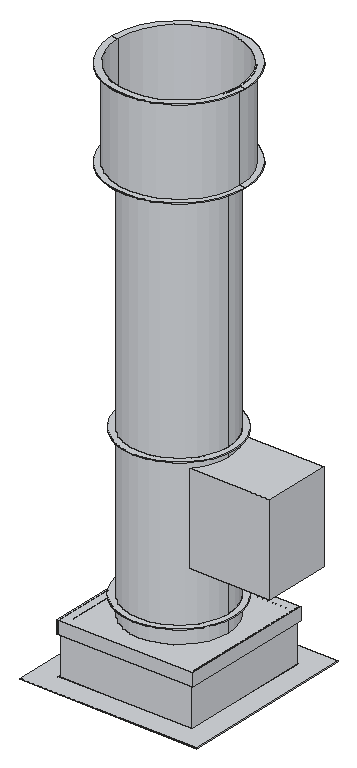
Revit family "QMXLE", category Mechanical Equipment, Revit 2019
Family settings
  Round Connector Dimension = Use Diameter
  Part Type = Normal
  Work Plane-Based = No
  Always vertical = Yes
  Cut with Voids When Loaded = No
  Shared = No
  Room Calculation Point = No
Parameters (values of type "165_QMXHPLE")
  Unit Weight [instance] = ""
  T_SQ/2 = T_SQ / 2  # 16"
  T_SQ = 32"
  Sones [instance] = ""
  Motor RPM [instance] = ""
  Motor Enclosure [instance] = ""
  ModelID [instance] = ""
  LwA [instance] = ""
  Inlet_Connection = 24 15/16"
  F_SUB/4 = F_SUB / 4  # 7 59/64"
  F_SUB/2 = F_SUB / 2  # 15 27/32"
  F_SUB = 31 11/16"
  E_SUB/2 = E_SUB / 2  # 21 7/32"
  E_SUB = 42 7/16"
  D_SUB/2 = D_SUB / 2  # 10 1/2"
  D_SUB = 21"
  Fan RPM [instance] = ""
  FAN_RADIUS_FIFTH = FAN_RADIUS / 5  # 2.35"
  FAN_RADIUS = FAN_DIA / 2  # 11 3/4"
  FAN_RAD_Plus = FAN_RADIUS + 1 1/2"  # 13 1/4"
  FAN_DIA = 23 1/2"
  C_SUB = 44"
  CURB_OD_HALF = CURB_OD / 2  # 15 9/16"
  CURB_OD = 31 1/8"
  CURB_HEIGHT [instance] = 12"
  CURB [instance] = yes
  B_SUB_Half = B_SUB / 2  # 1 1/2"
  B_SUB2 = B_SUB - 1/8"  # 2 7/8"
  B_SUB = 3"
  Accessories [instance] = ""
  A_half = A_SUB / 2  # 60"
  A_SUB = 120"
  Five = 5"  # constant formula
  Three = 3"  # constant formula
  Brake Hp [instance] = ""
  Four = 4"  # constant formula
  Two_Feet = 24"
  Two = 2"  # constant formula
  One = 1"  # constant formula
  Zero = 0"  # constant formula
  Voltage [instance] = 0 V
  URL = "www.lorencook.com"
  Type Comments = "Mixed-Flow Upblast Laboratory Exhaust Blower High Pressure Belt Drive Arrangement 9"
  Static Pressure [instance] = 0.00 in-wg
  Power [instance] = Voltage * Motor FLA * sqrt(if(Phase = 3, 3, 1))  # 0 VA
  Phase [instance] = 0
  Number of Poles [instance] = 1
  Motor Hp [instance] = "0"
  Motor FLA [instance] = 0 A
  Model = "QMXLE-HP"
  Manufacturer = "Loren Cook Company"
  CFM [instance] = 0 CFM
  One_and_a_half = 1 1/2"  # constant formula
  ONE EIGTH = 1/8"  # constant formula
  FRA = (FAN_RADIUS) * 0.75  # 8 13/16"
  TSQ2 = (T_SQ / 2) - 1/8"  # 15 7/8"
Types (33): name | T_SQ/2 | T_SQ | Inlet_Connection | F_SUB/4 | F_SUB/2 | F_SUB | E_SUB/2 | E_SUB | D_SUB/2 | D_SUB | FAN_RADIUS_FIFTH | FAN_RADIUS | FAN_RAD_Plus | FAN_DIA | C_SUB | CURB_OD_HALF | CURB_OD | B_SUB_Half | B_SUB2 | B_SUB | A_half | A_SUB | Type Comments | Model | FRA | TSQ2
  (no name) | 16" | 32" | 24 15/16" | 7 59/64" | 15 27/32" | 31 11/16" | 21 7/32" | 42 7/16" | 10 1/2" | 21" | 2.35" | 11 3/4" | 13 1/4" | 23 1/2" | 44" | 15 9/16" | 31 1/8" | 1 1/2" | 2 7/8" | 3" | 60" | 120" | "Mixed-Flow Upblast Laboratory Exhaust Blower High Pressure Belt Drive Arrangement 9" | "QMXLE-HP" | 8 13/16" | 15 7/8"
  90_QMXLE | 14" | 28" | 21" | 5 11/32" | 10 11/16" | 21 3/8" | 16 5/32" | 32 5/16" | 7 1/2" | 15" | 1 9/32" | 6 13/32" | 7 29/32" | 12 13/16" | 30" | 13 19/32" | 27 3/16" | 1 1/2" | 2 7/8" | 3" | 60" | 120" | "Mixed-Flow Upblast Laboratory Exhaust Blower Low Pressure Belt Drive Arrangement 9" | "QMXLE" | 4 103/128" | 13 7/8"
  300_QMXLE | 26" | 52" | 44 3/4" | 12 51/64" | 25 19/32" | 51 3/16" | 31 5/8" | 63 1/4" | 19 9/16" | 39 1/8" | 4 1/4" | 21 1/4" | 22 3/4" | 42 1/2" | 67" | 25 15/32" | 50 15/16" | 1 1/2" | 2 7/8" | 3" | 61 27/32" | 123 11/16" | "Mixed-Flow Upblast Laboratory Exhaust Blower Low Pressure Belt Drive Arrangement 9" | "QMXLE" | 15 15/16" | 25 7/8"
  120_QMXLE | 14" | 28" | 21" | 6 13/32" | 12 13/16" | 25 5/8" | 17 15/32" | 34 15/16" | 8 1/2" | 17" | 1.70625" | 8 17/32" | 10 1/32" | 17 1/16" | 37" | 13 19/32" | 27 3/16" | 1 1/2" | 2 7/8" | 3" | 60" | 120" | "Mixed-Flow Upblast Laboratory Exhaust Blower Low Pressure Belt Drive Arrangement 9" | "QMXLE" | 6 51/128" | 13 7/8"
  135_QMXLE | 14" | 28" | 20 15/16" | 6 15/16" | 13 7/8" | 27 3/4" | 18 7/32" | 36 7/16" | 9" | 18" | 1.925" | 9 5/8" | 11 1/8" | 19 1/4" | 39" | 13 9/16" | 27 1/8" | 1 1/2" | 2 7/8" | 3" | 60" | 120" | "Mixed-Flow Upblast Laboratory Exhaust Blower Low Pressure Belt Drive Arrangement 9" | "QMXLE" | 7 7/32" | 13 7/8"
  165_QMXLE | 16" | 32" | 24 15/16" | 7 59/64" | 15 27/32" | 31 11/16" | 21 7/32" | 42 7/16" | 10 1/2" | 21" | 2.35" | 11 3/4" | 13 1/4" | 23 1/2" | 44" | 15 9/16" | 31 1/8" | 1 1/2" | 2 7/8" | 3" | 60" | 120" | "Mixed-Flow Upblast Laboratory Exhaust Blower Low Pressure Belt Drive Arrangement 9" | "QMXLE" | 8 13/16" | 15 7/8"
  180_QMXLE | 17" | 34" | 26 15/16" | 8 33/64" | 17 1/32" | 34 1/16" | 22 1/8" | 44 1/4" | 11 1/2" | 23" | 2 9/16" | 12 13/16" | 14 5/16" | 25 5/8" | 46" | 16 9/16" | 33 1/8" | 1 1/2" | 2 7/8" | 3" | 60" | 120" | "Mixed-Flow Upblast Laboratory Exhaust Blower Low Pressure Belt Drive Arrangement 9" | "QMXLE" | 9 39/64" | 16 7/8"
  202_QMXLE | 19" | 38" | 30 3/4" | 9 31/64" | 18 31/32" | 37 15/16" | 23 3/8" | 46 3/4" | 12 3/4" | 25 1/2" | 2 9/16" | 12 13/16" | 14 5/16" | 25 5/8" | 50" | 18 15/32" | 36 15/16" | 1 1/2" | 2 7/8" | 3" | 60" | 120" | "Mixed-Flow Upblast Laboratory Exhaust Blower Low Pressure Belt Drive Arrangement 9" | "QMXLE" | 9 39/64" | 18 7/8"
  225_QMXLE | 21" | 42" | 34 3/4" | 10 9/32" | 20 9/16" | 41 1/8" | 25 1/8" | 50 1/4" | 13 3/4" | 27 1/2" | 3.19375" | 15 31/32" | 17 15/32" | 31 15/16" | 56" | 20 15/32" | 40 15/16" | 1 1/2" | 2 7/8" | 3" | 60" | 120" | "Mixed-Flow Upblast Laboratory Exhaust Blower Low Pressure Belt Drive Arrangement 9" | "QMXLE" | 11 125/128" | 20 7/8"
  245_QMXLE | 22" | 44" | 36 3/4" | 10 55/64" | 21 23/32" | 43 7/16" | 26 7/8" | 53 3/4" | 15 13/16" | 31 5/8" | 3.475" | 17 3/8" | 18 7/8" | 34 3/4" | 59" | 21 15/32" | 42 15/16" | 1 1/2" | 2 7/8" | 3" | 60" | 120" | "Mixed-Flow Upblast Laboratory Exhaust Blower Low Pressure Belt Drive Arrangement 9" | "QMXLE" | 13 1/32" | 21 7/8"
  270_QMXLE | 24" | 48" | 40 3/4" | 11 3/4" | 23 1/2" | 47" | 28 1/8" | 56 1/4" | 17 1/2" | 35" | 3.83125" | 19 5/32" | 20 21/32" | 38 5/16" | 63" | 23 15/32" | 46 15/16" | 1 1/2" | 2 7/8" | 3" | 60" | 120" | "Mixed-Flow Upblast Laboratory Exhaust Blower Low Pressure Belt Drive Arrangement 9" | "QMXLE" | 14 47/128" | 23 7/8"
  330_QMXLE | 28" | 56" | 48 5/8" | 13 63/64" | 27 31/32" | 55 15/16" | 33 7/8" | 67 3/4" | 22" | 44" | 4.675" | 23 3/8" | 24 7/8" | 46 3/4" | 73" | 27 13/32" | 54 13/16" | 1 1/2" | 2 7/8" | 3" | 67 9/16" | 135 1/8" | "Mixed-Flow Upblast Laboratory Exhaust Blower Low Pressure Belt Drive Arrangement 9" | "QMXLE" | 17 17/32" | 27 7/8"
  365_QMXLE | 31" | 62" | 54 9/16" | 15 31/64" | 30 31/32" | 61 15/16" | 36 5/8" | 73 1/4" | 23 3/4" | 47 1/2" | 5.175" | 25 7/8" | 27 3/8" | 51 3/4" | 79" | 31 7/8" | 63 3/4" | 1 1/2" | 2 7/8" | 3" | 73 1/4" | 146 1/2" | "Mixed-Flow Upblast Laboratory Exhaust Blower Low Pressure Belt Drive Arrangement 9" | "QMXLE" | 19 13/32" | 30 7/8"
  402_QMXLE | 33 1/2" | 67" | 59 7/16" | 16 25/32" | 33 9/16" | 67 1/8" | 38 7/8" | 77 3/4" | 26 9/16" | 53 1/8" | 5.69375" | 28 15/32" | 29 31/32" | 56 15/16" | 88" | 32 7/8" | 65 3/4" | 1 1/2" | 2 7/8" | 3" | 79 17/32" | 159 1/16" | "Mixed-Flow Upblast Laboratory Exhaust Blower Low Pressure Belt Drive Arrangement 9" | "QMXLE" | 21 45/128" | 33 3/8"
  445_QMXLE | 37" | 74" | 66 7/16" | 18 5/16" | 36 5/8" | 73 1/4" | 41 5/8" | 83 1/4" | 29 9/16" | 59 1/8" | 6.30625" | 31 17/32" | 33 1/32" | 63 1/16" | 95" | 36 5/16" | 72 5/8" | 1 1/2" | 2 7/8" | 3" | 86 23/32" | 173 7/16" | "Mixed-Flow Upblast Laboratory Exhaust Blower Low Pressure Belt Drive Arrangement 9" | "QMXLE" | 23 83/128" | 36 7/8"
  490_QMXLE | 40" | 80" | 72 1/4" | 19 57/64" | 39 25/32" | 79 9/16" | 45 3/8" | 90 3/4" | 30 9/16" | 61 1/8" | 6 15/16" | 34 11/16" | 36 3/16" | 69 3/8" | 103" | 39 1/4" | 78 1/2" | 2" | 3 7/8" | 4" | 93" | 186" | "Mixed-Flow Upblast Laboratory Exhaust Blower Low Pressure Belt Drive Arrangement 9" | "QMXLE" | 26 1/64" | 39 7/8"
  150_QMXLE | 15" | 30" | 22 15/16" | 7 25/64" | 14 25/32" | 29 9/16" | 19 23/32" | 39 7/16" | 10" | 20" | 2.1375" | 10 11/16" | 12 3/16" | 21 3/8" | 42" | 14 9/16" | 29 1/8" | 1 1/2" | 2 7/8" | 3" | 60" | 120" | "Mixed-Flow Upblast Laboratory Exhaust Blower Low Pressure Belt Drive Arrangement 9" | "QMXLE" | 8 1/64" | 14 7/8"
  120_QMXLE-HP | 14" | 28" | 21" | 6 13/32" | 12 13/16" | 25 5/8" | 17 15/32" | 34 15/16" | 8 1/2" | 17" | 1.70625" | 8 17/32" | 10 1/32" | 17 1/16" | 37" | 13 19/32" | 27 3/16" | 1 1/2" | 2 7/8" | 3" | 60" | 120" | "Mixed-Flow Upblast Laboratory Exhaust Blower High Pressure Belt Drive Arrangement 9" | "QMXLE-HP" | 6 51/128" | 13 7/8"
  135_QMXHPLE | 14" | 28" | 20 15/16" | 6 15/16" | 13 7/8" | 27 3/4" | 18 7/32" | 36 7/16" | 9" | 18" | 1.925" | 9 5/8" | 11 1/8" | 19 1/4" | 39" | 13 9/16" | 27 1/8" | 1 1/2" | 2 7/8" | 3" | 60" | 120" | "Mixed-Flow Upblast Laboratory Exhaust Blower High Pressure Belt Drive Arrangement 9" | "QMXLE-HP" | 7 7/32" | 13 7/8"
  150_QMXHPLE | 15" | 30" | 22 15/16" | 7 25/64" | 14 25/32" | 29 9/16" | 19 23/32" | 39 7/16" | 10" | 20" | 2.1375" | 10 11/16" | 12 3/16" | 21 3/8" | 42" | 14 9/16" | 29 1/8" | 1 1/2" | 2 7/8" | 3" | 60" | 120" | "Mixed-Flow Upblast Laboratory Exhaust Blower High Pressure Belt Drive Arrangement 9" | "QMXLE-HP" | 8 1/64" | 14 7/8"
  165_QMXHPLE | 16" | 32" | 24 15/16" | 7 59/64" | 15 27/32" | 31 11/16" | 21 7/32" | 42 7/16" | 10 1/2" | 21" | 2.35" | 11 3/4" | 13 1/4" | 23 1/2" | 44" | 15 9/16" | 31 1/8" | 1 1/2" | 2 7/8" | 3" | 60" | 120" | "Mixed-Flow Upblast Laboratory Exhaust Blower High Pressure Belt Drive Arrangement 9" | "QMXLE-HP" | 8 13/16" | 15 7/8"
  180_QMXHPLE | 17" | 34" | 26 15/16" | 8 33/64" | 17 1/32" | 34 1/16" | 22 1/8" | 44 1/4" | 11 1/2" | 23" | 2 9/16" | 12 13/16" | 14 5/16" | 25 5/8" | 46" | 16 9/16" | 33 1/8" | 1 1/2" | 2 7/8" | 3" | 60" | 120" | "Mixed-Flow Upblast Laboratory Exhaust Blower High Pressure Belt Drive Arrangement 9" | "QMXLE-HP" | 9 39/64" | 16 7/8"
  202_QMXHPLE | 19" | 38" | 30 3/4" | 9 31/64" | 18 31/32" | 37 15/16" | 23 3/8" | 46 3/4" | 12 3/4" | 25 1/2" | 2 9/16" | 12 13/16" | 14 5/16" | 25 5/8" | 50" | 18 15/32" | 36 15/16" | 1 1/2" | 2 7/8" | 3" | 60" | 120" | "Mixed-Flow Upblast Laboratory Exhaust Blower High Pressure Belt Drive Arrangement 9" | "QMXLE-HP" | 9 39/64" | 18 7/8"
  225_QMXHPLE | 21" | 42" | 34 3/4" | 10 9/32" | 20 9/16" | 41 1/8" | 25 1/8" | 50 1/4" | 13 3/4" | 27 1/2" | 3.19375" | 15 31/32" | 17 15/32" | 31 15/16" | 56" | 20 15/32" | 40 15/16" | 1 1/2" | 2 7/8" | 3" | 60" | 120" | "Mixed-Flow Upblast Laboratory Exhaust Blower High Pressure Belt Drive Arrangement 9" | "QMXLE-HP" | 11 125/128" | 20 7/8"
  245_QMXHPLE | 22" | 44" | 36 3/4" | 10 55/64" | 21 23/32" | 43 7/16" | 26 7/8" | 53 3/4" | 15 13/16" | 31 5/8" | 3.475" | 17 3/8" | 18 7/8" | 34 3/4" | 59" | 21 15/32" | 42 15/16" | 1 1/2" | 2 7/8" | 3" | 60" | 120" | "Mixed-Flow Upblast Laboratory Exhaust Blower High Pressure Belt Drive Arrangement 9" | "QMXLE-HP" | 13 1/32" | 21 7/8"
  270_QMXHPLE | 24" | 48" | 40 3/4" | 11 3/4" | 23 1/2" | 47" | 28 1/8" | 56 1/4" | 17 1/2" | 35" | 3.83125" | 19 5/32" | 20 21/32" | 38 5/16" | 63" | 23 15/32" | 46 15/16" | 1 1/2" | 2 7/8" | 3" | 60" | 120" | "Mixed-Flow Upblast Laboratory Exhaust Blower High Pressure Belt Drive Arrangement 9" | "QMXLE-HP" | 14 47/128" | 23 7/8"
  300_QMXHPLE | 26" | 52" | 44 3/4" | 12 51/64" | 25 19/32" | 51 3/16" | 31 5/8" | 63 1/4" | 19 9/16" | 39 1/8" | 4 1/4" | 21 1/4" | 22 3/4" | 42 1/2" | 67" | 25 15/32" | 50 15/16" | 1 1/2" | 2 7/8" | 3" | 61 27/32" | 123 11/16" | "Mixed-Flow Upblast Laboratory Exhaust Blower High Pressure Belt Drive Arrangement 9" | "QMXLE-HP" | 15 15/16" | 25 7/8"
  330_QMXHPLE | 28" | 56" | 48 5/8" | 13 63/64" | 27 31/32" | 55 15/16" | 33 7/8" | 67 3/4" | 22" | 44" | 4.675" | 23 3/8" | 24 7/8" | 46 3/4" | 73" | 27 13/32" | 54 13/16" | 1 1/2" | 2 7/8" | 3" | 67 9/16" | 135 1/8" | "Mixed-Flow Upblast Laboratory Exhaust Blower High Pressure Belt Drive Arrangement 9" | "QMXLE-HP" | 17 17/32" | 27 7/8"
  365_QMXHPLE | 31" | 62" | 54 9/16" | 15 31/64" | 30 31/32" | 61 15/16" | 36 5/8" | 73 1/4" | 23 3/4" | 47 1/2" | 5.175" | 25 7/8" | 27 3/8" | 51 3/4" | 79" | 31 7/8" | 63 3/4" | 1 1/2" | 2 7/8" | 3" | 73 1/4" | 146 1/2" | "Mixed-Flow Upblast Laboratory Exhaust Blower High Pressure Belt Drive Arrangement 9" | "QMXLE-HP" | 19 13/32" | 30 7/8"
  402_QMXHPLE | 33 1/2" | 67" | 59 7/16" | 16 25/32" | 33 9/16" | 67 1/8" | 38 7/8" | 77 3/4" | 26 9/16" | 53 1/8" | 5.69375" | 28 15/32" | 29 31/32" | 56 15/16" | 88" | 32 7/8" | 65 3/4" | 1 1/2" | 2 7/8" | 3" | 79 17/32" | 159 1/16" | "Mixed-Flow Upblast Laboratory Exhaust Blower High Pressure Belt Drive Arrangement 9" | "QMXLE-HP" | 21 45/128" | 33 3/8"
  445_QMXHPLE | 37" | 74" | 66 7/16" | 18 5/16" | 36 5/8" | 73 1/4" | 41 5/8" | 83 1/4" | 29 9/16" | 59 1/8" | 6.30625" | 31 17/32" | 33 1/32" | 63 1/16" | 95" | 36 5/16" | 72 5/8" | 1 1/2" | 2 7/8" | 3" | 86 23/32" | 173 7/16" | "Mixed-Flow Upblast Laboratory Exhaust Blower High Pressure Belt Drive Arrangement 9" | "QMXLE-HP" | 23 83/128" | 36 7/8"
  490_QMXHPLE | 40" | 80" | 72 1/4" | 19 57/64" | 39 25/32" | 79 9/16" | 45 3/8" | 90 3/4" | 30 9/16" | 61 1/8" | 6 15/16" | 34 11/16" | 36 3/16" | 69 3/8" | 103" | 39 1/4" | 78 1/2" | 2" | 3 7/8" | 4" | 93" | 186" | "Mixed-Flow Upblast Laboratory Exhaust Blower High Pressure Belt Drive Arrangement 9" | "QMXLE-HP" | 26 1/64" | 39 7/8"
  90_QMXHPLE | 14" | 28" | 21" | 5 11/32" | 10 11/16" | 21 3/8" | 16 5/32" | 32 5/16" | 7 1/2" | 15" | 1 9/32" | 6 13/32" | 7 29/32" | 12 13/16" | 30" | 13 19/32" | 27 3/16" | 1 1/2" | 2 7/8" | 3" | 60" | 120" | "Mixed-Flow Upblast Laboratory Exhaust Blower High Pressure Belt Drive Arrangement 9" | "QMXLE-HP" | 4 103/128" | 13 7/8"
Reference planes (in)
  plane 1 "Center (Front/Back)": y = 0
  plane 2: z = 0
  plane 3 "Center (Left/Right)": x = 0.40541
  plane 4: z = 120
  plane 5: z = 42.4375
  plane 6: z = 40.4375
  plane 7: z = 19.21875
Forms (in)
  Extrusion 1, solid
    sketch origin (0, 0, 0) x (1, 0, 0) y (0, 1, 0)
      loop
        line (-15.59459, 16) -> (-15.59459, -16) -> (16.40541, -16) -> (16.40541, 16) -> (-15.59459, 16)
    from 0 to 3 <- "B_SUB"
  Extrusion 2, void
    sketch origin (0, 0, 0) x (1, 0, 0) y (0, 1, 0)
      loop
        line (-15.46959, 15.875) -> (-15.46959, -15.875) -> (16.28041, -15.875) -> (16.28041, 15.875) -> (-15.46959, 15.875)
    from 0 to 2.875 <- "B_SUB2"
  Extrusion 3, solid
    sketch origin (0, 0, 0) x (1, 0, 0) y (0, 1, 0)
      loop
        circle (0.40541, 0) r 11.75
    from 3 to 7
  Extrusion 4, solid
    sketch origin (0, 0, 0) x (1, 0, 0) y (0, 1, 0)
      loop
        circle (0.40541, 0) r 13.25
      loop
        circle (0.40541, 0) r 8.8125
    from 7 to 7.125
  Revolve 5, solid
    sketch origin (0, 0, 0) x (1, 0, 0) y (0, 0, 1)
      loop
        line (-11.34459, 7.125) -> (-8.40709, 7.125)
        arc (-8.40709, 7.125) -> (-6.74539, 7.8133) -> (-6.05709, 9.475) r 2.35
        line (-6.05709, 9.475) -> (0.40541, 9.475) -> (0.40541, 42.4375) -> (-11.34459, 42.4375) -> (-11.34459, 7.125)
      axis (0.40541, 7.125) -> (0.40541, 42.4375)
    angle from 0 to 360
  Revolve 6, solid
    sketch origin (0, 0, 0) x (1, 0, 0) y (0, 0, 1)
      loop
        line (16.24916, 98.875) -> (16.24916, 99) -> (14.87416, 99) -> (14.87416, 119.875) -> (16.24916, 119.875) -> (16.24916, 120) -> (14.74916, 120) -> (14.74916, 98.875) -> (16.24916, 98.875)
      axis (0.40541, 120) -> (0.40541, 98.875)
    angle from 0 to 360
  Extrusion 7, solid
    sketch origin (0.40541, 0, 42.4375) x (0, 1, 0) y (-1, 0, 0)
      loop
        circle (0, 0) r 13.25
      loop
        circle (0, 0) r 11.75
    from 0 to 0.125
  Revolve 8, solid
    sketch origin (0, 0, 0) x (1, 0, 0) y (0, 0, 1)
      loop
        line (0.40541, 42.5625) -> (12.15541, 42.5625) -> (12.15541, 100.875) -> (0.40541, 100.875) -> (0.40541, 42.5625)
      axis (0.40541, 42.5625) -> (0.40541, 100.875)
    angle from 0 to 360
  Revolve 9, solid
    sketch origin (0, 0, 0) x (1, 0, 0) y (0, 0, 1)
      loop
        line (0.40541, 100.875) -> (12.15541, 100.875)
        arc (12.15541, 100.875) -> (10.03409, 101.75368) -> (9.15541, 103.875) r 3
        line (9.15541, 103.875) -> (0.40541, 103.875) -> (0.40541, 100.875)
      axis (0.40541, 100.875) -> (0.40541, 103.875)
    angle from 0 to 360
  Extrusion 10, solid, visible <- "CURB"
    sketch origin (0, 0, 2.875) x (0, 1, 0) y (1, 0, 0)
      loop
        line (-14.0625, -13.65709) -> (14.0625, -13.65709) -> (14.0625, 14.46791) -> (-14.0625, 14.46791) -> (-14.0625, -13.65709)
      loop
        line (15.5625, 15.96791) -> (-15.5625, 15.96791) -> (-15.5625, -15.15709) -> (15.5625, -15.15709) -> (15.5625, 15.96791)
    from 0 to 12 <- "CURB_HEIGHT"
  Extrusion 11, solid, visible <- "CURB"
    sketch origin (0, 0, -9.125) x (-1, 0, 0) y (0, 1, 0)
      loop
        line (15.50084, -15.90625) -> (15.50084, 15.90625) -> (-16.31166, 15.90625) -> (-16.31166, -15.90625) -> (15.50084, -15.90625)
      loop
        line (-21.31166, 20.90625) -> (-21.31166, -20.90625) -> (20.50084, -20.90625) -> (20.50084, 20.90625) -> (-21.31166, 20.90625)
    from 0 to -0.125
  Extrusion 12, solid
    sketch origin (-24.41363, -180, 40.4375) x (-1, 0, 0) y (0, -1, 0)
      loop
        line (-33.49697, -172.07812) -> (-52.81904, -172.07812) -> (-52.81904, -187.92187) -> (-33.49697, -187.92187)
        arc (-33.49697, -187.92187) -> (-36.56904, -180) -> (-33.49697, -172.07812) r 11.75
    from 0 to -21.21875
Cuts and joins
  Extrusion 2 cuts Extrusion 1
Dimensions and locks (in)
  "T_SQ/2": Extrusion 1 sketch curve to plane 3 "Center (Left/Right)"
  "T_SQ/2": plane 3 "Center (Left/Right)" to Extrusion 1 sketch curve
  "T_SQ/2": plane 1 "Center (Front/Back)" to Extrusion 1 sketch curve
  "T_SQ/2": Extrusion 1 sketch curve to plane 1 "Center (Front/Back)"
  "TSQ2": Extrusion 2 sketch curve to plane 3 "Center (Left/Right)"
  "TSQ2": plane 3 "Center (Left/Right)" to Extrusion 2 sketch curve
  "TSQ2": plane 1 "Center (Front/Back)" to Extrusion 2 sketch curve
  "TSQ2": Extrusion 2 sketch curve to plane 1 "Center (Front/Back)"
  "Zero": Extrusion 3 sketch curve to plane 3 "Center (Left/Right)"
  "Zero": Extrusion 3 sketch curve to plane 1 "Center (Front/Back)"
  Extrusion 4 sketch curve to plane 3 "Center (Left/Right)" = 0"
  Extrusion 4 sketch curve to plane 1 "Center (Front/Back)" = 0"
  "Zero": Extrusion 4 sketch curve to plane 1 "Center (Front/Back)"
  "Zero": Extrusion 4 sketch curve to plane 3 "Center (Left/Right)"
  "Zero": Revolve 5 sketch curve to Extrusion 4
  "FAN_RADIUS": plane 3 "Center (Left/Right)" to Revolve 5 sketch curve
  "FAN_RADIUS_FIFTH": Revolve 5 sketch curve to Revolve 5 sketch curve
  "FRA": Revolve 5 sketch curve to Revolve 5 sketch curve
  "One_and_a_half": Revolve 6 sketch curve to Revolve 6 sketch curve
  "ONE EIGTH": Revolve 6 sketch curve to Revolve 6 sketch curve  (x3)
  "D_SUB": Revolve 6 sketch curve to Revolve 6 sketch curve
  "Zero": plane 3 "Center (Left/Right)" to Extrusion 7 sketch curve  (x2)
  "Zero": Extrusion 7 sketch curve to plane 1 "Center (Front/Back)"  (x2)
  "Zero": Revolve 8 sketch curve to Extrusion 7
  "Two": Revolve 8 sketch curve to Revolve 6
  "Zero": Revolve 5 to Revolve 8 sketch curve
  "Zero": Revolve 9 sketch curve to Revolve 8
  "Three": Revolve 9 sketch curve to Revolve 8
  "FAN_RADIUS": Revolve 9 sketch curve to plane 3 "Center (Left/Right)"
  "One_and_a_half": Extrusion 10 sketch curve to Extrusion 10 sketch curve  (x4)
  "Five": Extrusion 11 sketch curve to Extrusion 11 sketch curve  (x4)
  Extrusion 11 sketch curve to Extrusion 10 = 11/32"  (x3)
  Extrusion 10 to Extrusion 11 sketch curve = 11/32"
  "A_SUB": plane 4 to level
  "F_SUB/2": Revolve 6 sketch curve to plane 3 "Center (Left/Right)"
  "CURB_OD_HALF": Extrusion 10 sketch curve to plane 3 "Center (Left/Right)"
  "CURB_OD_HALF": plane 3 "Center (Left/Right)" to Extrusion 10 sketch curve
  "CURB_OD_HALF": plane 1 "Center (Front/Back)" to Extrusion 10 sketch curve
  "CURB_OD_HALF": Extrusion 10 sketch curve to plane 1 "Center (Front/Back)"
  "E_SUB": plane 5 to level
  locked: plane 5 to plane 6 at 2
  "E_SUB/2": plane 6 to plane 7
  "C_SUB": cut or joined group of Extrusion 1, Extrusion 2 to Extrusion 12 sketch curve
  "F_SUB/4": plane 1 "Center (Front/Back)" to Extrusion 12 sketch curve
  "F_SUB/4": Extrusion 12 sketch curve to plane 1 "Center (Front/Back)"
  plane 3 "Center (Left/Right)" to Extrusion 12 sketch curve = 0"
  plane 1 "Center (Front/Back)" to Extrusion 12 sketch curve = 0"
  "FAN_RADIUS": radius of Extrusion 3 sketch curve
  "FAN_RAD_Plus": radius of Extrusion 4 sketch curve
  "FRA": radius of Extrusion 4 sketch curve
  "FAN_RADIUS_FIFTH": radius of Revolve 5 sketch curve
  "FAN_RAD_Plus": radius of Extrusion 7 sketch curve
  "FAN_RADIUS": radius of Extrusion 7 sketch curve
  "Three": radius of Revolve 9 sketch curve
  aligned and locked: Revolve 6 sketch curve to plane 3 "Center (Left/Right)"
  aligned and locked: Revolve 6 sketch curve to Revolve 6 sketch curve
  aligned and locked: Revolve 6 sketch curve to plane 4
  aligned and locked: plane 3 "Center (Left/Right)" to Revolve 8 sketch curve
  aligned and locked: Revolve 8 sketch curve to plane 3 "Center (Left/Right)"
  aligned and locked: plane 3 "Center (Left/Right)" to Revolve 9 sketch curve  (x2)
  aligned and locked: plane 3 "Center (Left/Right)" to Revolve 5 sketch curve
  aligned and locked: Revolve 5 sketch curve to plane 3 "Center (Left/Right)"
  aligned and locked: Revolve 5 sketch curve to plane 5
  aligned and locked: Extrusion 12 sketch curve to Revolve 8
  aligned and locked: plane 7 to Extrusion 12
Automatic sketch dimensions
  Revolve 6 sketch curve to Revolve 6 sketch curve = 5"
  Revolve 6 sketch curve to Revolve 6 sketch curve = 4"
  Revolve 5 sketch curve to plane 6 = 1 5/16"
  Revolve 5 sketch curve to Revolve 5 sketch curve = 7/16"
  Revolve 8 sketch curve to Revolve 8 sketch curve = 0"
  Revolve 8 sketch curve to Revolve 8 sketch curve = 4"
  Revolve 9 sketch curve to Revolve 9 sketch curve = 3"
  Revolve 9 sketch curve to Revolve 9 sketch curve = 0"
  Revolve 9 sketch curve to Revolve 9 sketch curve = 10 9/16"
  Revolve 9 sketch curve to Revolve 9 sketch curve = 2"
  Extrusion 12 sketch curve to Extrusion 12 sketch curve = 0"
Connectors (in)
  electrical at (18.74438, 0, 19.21875), driven by "Number of Poles", driven by "Voltage", driven by "Power"
    settings: on Extrusion 12, index 1, voltage 0 V, apparent load 0 VA, apparent load phase1 0 VA, apparent load phase2 0 VA, apparent load phase3 0 VA, power factor 1, load classification "Other", number of poles 1, system type 31, power factor state 1, is connector primary yes, connector utility no, sub classification motor no, connector description ""
  hvac at (0.40541, 0, -9.125), driven by "CFM", driven by "Inlet_Connection", driven by "Inlet_Connection"
    settings: on Extrusion 11, index 2, duct flow 0 CFM, flow factor 0, pres drop 0.00 in-wg, loss coef 0, conn angle 0.00°, conn width 24 15/16", conn height 24 15/16", conn diameter 24", duct sys type 3, conn prof type 1, flow config 0, flow direction 1, loss method 0, conn ref index -1, conn util no, is conn primary yes, conn desc ""
